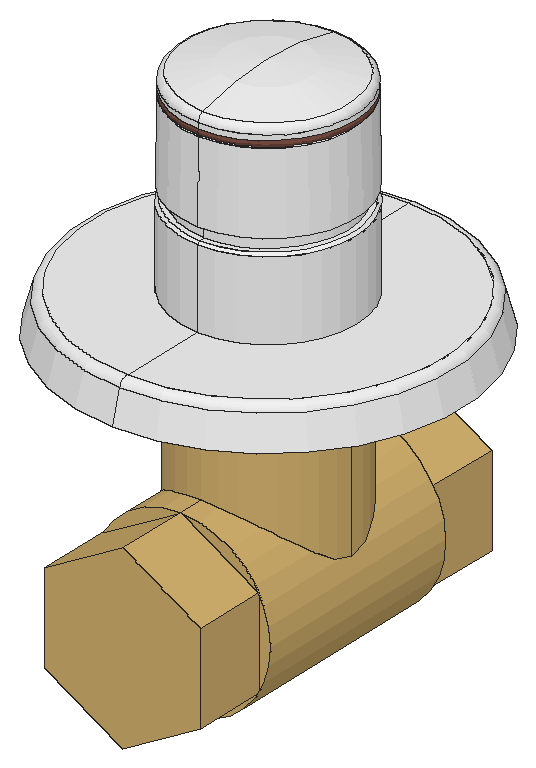
Revit family "PRD_FrankeWS_ShwrThrmsttcVlvs_F3SSelf-closingStraight-wayValve_F3SV2009", category Plumbing Fixtures, host Face, Revit 2018
Family settings
  Host = Face
  Round Connector Dimension = Use Diameter
  Part Type = Normal
  OmniClass Number = 23.45.05.14.99
  OmniClass Title = Other Sanitary Washing Plumbing Fixtures
  Cut with Voids When Loaded = Yes
  Shared = No
  Room Calculation Point = No
Parameters (values of type "F3SV2009")
  WorkingPressure = 0.0 Pa
  WarrantyStartDate [instance] = "1900-12-31T23:59:59"
  WarrantyGuarantorParts = "n/a"
  WarrantyGuarantorLabor = "n/a"
  WarrantyDurationUnit = "year"
  WarrantyDurationParts = "n/a"
  WarrantyDurationLabor = "n/a"
  WarrantyDescription = "n/a"
  ValvePattern = "STRAIGHT_2_PORT"
  ValveOperation = "HYDRAULIC"
  ValveMechanism = "OTHER"
  TypeOfTap = "n/a"
  TestPressure = 0.0 Pa
  TailorMade = "No"
  Status = "New"
  Reference = "n/a"
  ProductCode = "210.0630.554"
  Version = "1"
  Uniclass2015Version = "Products v1.17"
  Uniclass2015Title = "Shower thermostatic valves"
  Uniclass2015Code = "Pr_40_20_87_80"
  URL = "www.kwc.com"
  TypeOfShower = "In-wall fitting"
  TypeOfOperation = "Manual operation"
  TypeOfMounting = "In-wall installation without box"
  TypeOfMixing = "No mixing"
  ThermalDisinfection = "No"
  TapMaterial = PRD_AR_ChromatedBrass_HighPolished
  TagNumber [instance] = "n/a"
  SustainabilityPerformance = "n/a"
  SoundInsulation = "No"
  Size = "n/a"
  ShowerPipeDraining = "No"
  Shape = "n/a"
  SerialNumber [instance] = "n/a"
  Revision = "n/a"
  ReplacementCost = "n/a"
  ProtectiveShutdown = "No"
  ProductInformation = "https://pim.kwc.com/product/2030053188/attachment/datasheet?locale=en"
  PositionOfWaterConnection = "From bottom"
  NominalWidth = 80 mm
  NominalHeight = 80 mm
  NominalDepth = 0 mm
  NetWeight = 0.60 kg
  Name = "F3S self-closing straight-way valve F3SV2009"
  NBSTypeID = "n/a"
  NBSReference = "45-35-70/335"
  NBSOfficeMasterTag = "n/a"
  NBSNote = "n/a"
  NBSDescription = "Shower mixers"
  NBSCertification = "n/a"
  ModelReference = "F3SV2009"
  ModelNumber = "2030053188"
  Model = ModelReference  # "F3SV2009"
  MinimumFlowTime = "5.00 seconds"
  MinimumFlowPressure = "1.00 bar"
  MaximumFlowTime = "30.00 seconds"
  Material = "Brass"
  ManufacturerURL = "www.kwc.com"
  ManufacturerName = "KWC Group AG"  # constant formula
  Manufacturer = ManufacturerName  # "KWC Group AG"
  IntegralAccessories = "n/a"
  InstallationDate [instance] = "1900-12-31T23:59:59"
  InletSize = "G3-4"
  IfcExportType = "USERDEFINED"
  IfcExportAs = "IfcValveType"
  HygieneFlushing = "No"
  GrossWeight = 0.65 kg
  Grade = "n/a"
  FunctionalPrinciple = "Hydraulic self-closing"
  FlowRateMaximum = "1.25 L/s at 3 bar"
  FlowColdWater = 0.3 L/s
  FlowCoefficient = 0
  Finish = "Polished chrome"
  Features = "For connection to pre-mixed hot water or cold water. Visible parts made of high-polished chrome-plated brass."
  ExpectedLife = "n/a"
  DurationUnit = "year"
  Description = "F3S Self-closing straight-way valve DN 20 for in-wall mounting, for shower facilities. Self-closing functional part, hydraulically controlled, piston-free design, automatic closing, adjustable flow duration. For connection to pre-mixed hot water or cold water. Housing including replaceable valve seat, with interior thread G 3/4, visible parts made of high-polished chrome-plated brass. With rosette, depth adjustability 15 mm."
  DiameterNominal = 20.000 mm
  Depth adjustability check [instance] = if([Depth adjustability (0-15 mm)] > 15 mm, 15 mm, [Depth adjustability (0-15 mm)])  # 0 mm
  Depth adjustability (0-15 mm) [instance] = 0 mm
  Depressurised = "n/a"
  Default Elevation = 850 mm
  CreatedOn = "07/2021"  # constant formula
  Constituents = "n/a"
  ConnectionWithPayWaterDispenser = "Not possible"
  Color = "Chrome"
  CodePerformance = "n/a"
  CloseOffRating = 0.0 Pa
  Circulation = "No"
  Category = "Pr_40_20_87_80, Shower thermostatic valves"
  CalculationFlowRateColdWater = "0.30 liter per second"
  BarCode [instance] = "n/a"
  BIMObjectName = "PRD_AR_ShowerThermostaticValves_F3SSelf-closingStraight-wayValve_F3SV2009"
  Author = "Archispace"  # constant formula
  AssetType = "Fixed"
  AssetIdentifier [instance] = "n/a"
  AdjustableFlowTime = "Yes"
  AdditionalConnections = "No"
  AccessibilityPerformance = "n/a"
Reference planes
  plane 1 "Center (Front/Back)": y = 0
  plane 2: z = 0
  plane 3 "Center (Left/Right)": x = 0
  plane 4: z = 0
  plane 5: z = -41.95
Forms (mm)
  Revolve 1, solid, material "PRD_AR_ChromatedBrass_HighPolished" <- "TapMaterial", detail levels medium+fine
    sketch origin (0, 0, 0) x (0, 1, 0) y (0, 0, 1)
      loop
        line (40, 0) -> (38.254, 6.518)
        arc (38.254, 6.518) -> (37.539, 7.587) -> (36.322, 8) r 2
        line (36.322, 8) -> (18.25, 8) -> (18.25, 0) -> (40, 0)
      axis (0, 8) -> (0, 0)
    angle from 0 to 360
  Revolve 2, solid, material "PRD_AR_ChromatedBrass_HighPolished" <- "TapMaterial", detail levels coarse
    sketch origin (0, 0, 0) x (0, 1, 0) y (0, 0, 1)
      loop
        line (40, 0) -> (40, 8) -> (18.25, 8) -> (18.25, 0) -> (40, 0)
      axis (0, 8) -> (0, 0)
    angle from 0 to 360
  Sweep 3, void
    path origin (0, 0, 0) x (0, 1, 0) y (0, 0, 1)
      loop
        line (37.5, -41.95) -> (-37.5, -41.95)
    profile origin (0, 0, -41.95) x (0, 0, -1) y (1, 0, 0)
      loop
        circle (0, 0) r 18.475
  Sweep 4, void
    path origin (0, 0, 0) x (0, 1, 0) y (0, 0, 1)
      loop
        line (0, -41.95) -> (0, 0)
    profile origin (0, 0, -20.975) x (0, -1, 0) y (1, 0, 0)
      loop
        circle (0, 0) r 18.25
Dimensions and locks
  "Depth adjustability check": level to plane 4
  locked: plane 4 to plane 5 at 41.95
  aligned and locked: plane 2 to host face
  aligned and locked: level to host face
  aligned and locked: plane 4 to nested 1
  aligned and locked: Sweep 3 sketch curve to plane 5
  aligned and locked: level to Sweep 4 sketch curve
  aligned and locked: plane 5 to Sweep 4 sketch curve
  aligned and locked: plane 1 "Center (Front/Back)" to Sweep 4 sketch curve
Automatic sketch dimensions
  host sketch curve to host sketch curve = 1196.93 mm
  host sketch curve to host sketch curve = 1194.553 mm
  Revolve 1 sketch curve to plane 1 "Center (Front/Back)" = 0 mm
  Revolve 1 sketch curve to level = 0 mm
  level to Revolve 1 sketch curve = 8 mm
  Revolve 1 sketch curve to plane 1 "Center (Front/Back)" = 18.25 mm
  level to Revolve 1 sketch curve = 6 mm
  Revolve 1 sketch curve to Revolve 1 sketch curve = 18.072 mm
  level to Revolve 1 sketch curve = 6.518 mm
  Revolve 1 sketch curve to Revolve 1 sketch curve = 1.746 mm
  level to Revolve 1 sketch curve = 14.42 mm
  Revolve 1 sketch curve to Revolve 1 sketch curve = 5 mm
  Revolve 2 sketch curve to plane 1 "Center (Front/Back)" = 0 mm
  Revolve 2 sketch curve to level = 0 mm
  level to Revolve 2 sketch curve = 8 mm
  Revolve 2 sketch curve to plane 1 "Center (Front/Back)" = 18.25 mm
  Revolve 2 sketch curve to Revolve 2 sketch curve = 21.75 mm
  level to Revolve 2 sketch curve = 14.42 mm
  Revolve 2 sketch curve to Revolve 2 sketch curve = 5 mm
  Sweep 4 sketch curve to plane 3 "Center (Left/Right)" = 0 mm
  Sweep 4 sketch curve to profile plane = 0 mm
  plane 1 "Center (Front/Back)" to Sweep 3 sketch curve = 37.5 mm
  Sweep 3 sketch curve to plane 1 "Center (Front/Back)" = 37.5 mm
  Sweep 3 sketch curve to plane 3 "Center (Left/Right)" = 0 mm
  Sweep 3 sketch curve to profile plane = 0 mm
  radius of Sweep 4 sketch curve = 18.25 mm
  radius of Sweep 3 sketch curve = 18.475 mm
Nested families
  nested 1: "Valve" at (0, 0, 0), type "Valve"
Connectors
  piping at (0, -37.5, -41.95), diameter 20, driven by "DiameterNominal", driven by "InletSize", driven by "FlowColdWater"
    settings: on host face, index 2, connector inside diameter 609.600 mm, connector length 0 mm, flow factor 0, pipe flow 0.3 L/s, pressure drop 0.0 Pa, fitting loss kfactor 0, connector angle 0.00°, fixture units 0, engagement length 0 mm, angle of deflection 0.00°, flow configuration 0, flow direction 1, fitting loss method 0, system type 20, joint type 0, gender type 0, connector reference index -1, connector utility 0, adjustable connector no, is connector primary yes, connector description "G3-4"
Definition of nested family "Valve"
  Parameters (values of type "Valve")
    Material3 = none
    Material2 = none
    Material1 = none
  Reference planes
    plane 1 "Center (Front/Back)": y = 0
    plane 2: z = 0
    plane 3 "Center (Left/Right)": x = 0
  Forms (mm)
    Revolve 1, solid, material <- "Material1", detail levels fine
      sketch origin (0, 0, 0) x (0, 1, 0) y (0, 0, 1)
        loop
          line (0, 0) -> (18.25, 0) -> (18.25, 24.123) -> (17.673, 24.7) -> (16.5, 24.7) -> (16.5, 27.5) -> (18.22, 27.5) -> (17.923, 43.992) -> (0, 43.992) -> (0, 0)
        loop
          arc (16.813, 48.088) -> (8.492, 49.884) -> (0, 50.487) r 60.127
          line (0, 50.487) -> (0, 45.492) -> (18, 45.492) -> (18, 46.507)
          arc (18, 46.507) -> (17.67, 47.495) -> (16.813, 48.088) r 1.647
        axis (0, 0) -> (0, 50.487)
      angle from 0 to 360
    Revolve 2, solid, material <- "Material2", detail levels fine
      sketch origin (0, 0, 0) x (0, 1, 0) y (0, 0, 1)
        loop
          line (22.5, -41.95) -> (22.5, -23.475) -> (-22.5, -23.475) -> (-22.5, -41.95) -> (22.5, -41.95)
        axis (-22.5, -41.95) -> (22.5, -41.95)
      angle from 0 to 360
    Revolve 3, solid, material <- "Material3", detail levels fine
      sketch origin (0, 0, 0) x (0, 1, 0) y (0, 0, 1)
        loop
          line (0, 43.992) -> (17.25, 43.992)
          arc (17.25, 43.992) -> (18.025, 44.592) -> (17.637, 45.492) r 0.8
          line (17.637, 45.492) -> (0, 45.492) -> (0, 43.992)
        axis (0, 45.492) -> (0, 43.992)
      angle from 0 to 360
    Revolve 4, solid, material <- "Material1", detail levels medium
      sketch origin (0, 0, 0) x (0, 1, 0) y (0, 0, 1)
        loop
          line (0, 0) -> (18.25, 0) -> (18.25, 46.133)
          arc (18.25, 46.133) -> (17.852, 47.329) -> (16.818, 48.05) r 2
          arc (16.818, 48.05) -> (8.497, 49.875) -> (0, 50.487) r 59.259
          line (0, 50.487) -> (0, 0)
        axis (0, 50.487) -> (0, 0)
      angle from 0 to 360
    Revolve 5, solid, material <- "Material1", detail levels coarse
      sketch origin (0, 0, 0) x (0, 1, 0) y (0, 0, 1)
        loop
          line (0, 0) -> (18.25, 0) -> (18.25, 50.487) -> (0, 50.487) -> (0, 0)
        axis (0, 50.487) -> (0, 0)
      angle from 0 to 360
    Extrusion 6, solid, material <- "Material2", detail levels fine
      sketch origin (0, 0, 0) x (1, 0, 0) y (0, 1, 0)
        loop
          circle (0, 0) r 17.25
      from -37.29 to 0
    Extrusion 7, solid, material <- "Material2", detail levels fine
      sketch origin (0, 0, 0) x (1, 0, 0) y (0, 0, 1)
        loop
          line (0, -23.475) -> (-16, -32.712) -> (-16, -51.188) -> (0, -60.425) -> (16, -51.188) -> (16, -32.712) -> (0, -23.475)
      from -37.5 to -22.5
    Extrusion 8, solid, material <- "Material2", detail levels fine
      sketch origin (0, 0, 0) x (1, 0, 0) y (0, 0, -1)
        loop
          line (0, 23.475) -> (16, 32.712) -> (16, 51.188) -> (0, 60.425) -> (-16, 51.188) -> (-16, 32.712) -> (0, 23.475)
      from -37.5 to -22.5
    Extrusion 9, solid, material <- "Material2", detail levels coarse+medium
      sketch origin (0, 0, 0) x (1, 0, 0) y (0, 1, 0)
        loop
          circle (0, 0) r 17.25
      from -37.29 to 0
    Revolve 10, solid, material <- "Material2", detail levels coarse+medium
      sketch origin (0, 0, 0) x (0, 1, 0) y (0, 0, 1)
        loop
          line (37.5, -41.95) -> (37.5, -23.475) -> (-37.5, -23.475) -> (-37.5, -41.95) -> (37.5, -41.95)
        axis (-37.5, -41.95) -> (37.5, -41.95)
      angle from 0 to 360
  Cuts and joins
    joined: Revolve 2, Extrusion 6
    joined: Extrusion 9, Revolve 10
  Dimensions and locks
    aligned and locked: level to plane 2
